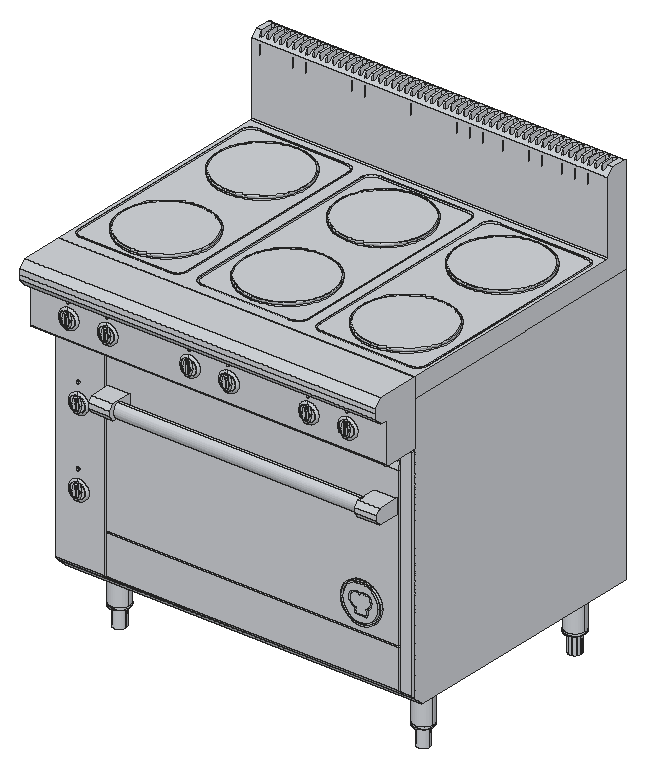
Revit family "6. PE6S28-X", category Generic Models, Revit 2024 (continued)
Forms (mm)
  Sweep 114, solid
    path in 3D
      loop
        arc (872.012, 721.5, 50) -> (847.012, 746.5, 50) -> (822.012, 721.5, 50) r 25
        arc (822.012, 721.5, 50) -> (847.012, 696.5, 50) -> (872.012, 721.5, 50) r 25
    profile origin (847.012, 696.5, 50) x (0, -1, 0) y (0, 0, -1)
      loop
        line (0, 0) -> (0, -4) -> (1, -4) -> (1, 0.425)
        arc (1, 0.425) -> (0.832, 0.832) -> (0.425, 1) r 0.575
        line (0.425, 1) -> (-9, 1) -> (-9, 50) -> (-10, 50) -> (-10, 0) -> (0, 0)
Cuts and joins
  Extrusion 17, Extrusion 23 cuts Extrusion 1
  Extrusion 16, Extrusion 17, Extrusion 23 cuts Extrusion 4
  Extrusion 18 cuts Extrusion 13
  Extrusion 18 cuts Extrusion 15
  Extrusion 26 cuts Extrusion 25
  Sweep 59, Sweep 71 cuts Extrusion 58
  Extrusion 60, Extrusion 72 cuts Extrusion 54
  Sweep 63, Sweep 75, Sweep 93 cuts Extrusion 62
  Extrusion 64, Extrusion 76, Extrusion 94 cuts Extrusion 56
  Sweep 71, Sweep 83 cuts Extrusion 70
  Extrusion 72, Extrusion 84, Extrusion 88, Extrusion 94 cuts Extrusion 2
  Extrusion 72, Extrusion 84 cuts Extrusion 66
  Sweep 75, Sweep 87 cuts Extrusion 74
  Extrusion 76, Extrusion 88 cuts Extrusion 68
  Sweep 83 cuts Extrusion 82
  Extrusion 84 cuts Extrusion 78
  Sweep 87 cuts Extrusion 86
  Extrusion 88 cuts Extrusion 80
  Sweep 93, Sweep 99 cuts Extrusion 92
  Extrusion 94, Extrusion 100 cuts Extrusion 90
  Sweep 99 cuts Extrusion 98
  Extrusion 100 cuts Extrusion 96
Lines and regions (mm)
  sketch lines
    curve 1: line (190, 115, 693.779) -> (135, 115, 693.779)
    curve 2: line (874, 125, 693.779) -> (819, 125, 693.779)
    curve 3: arc (42, 235, 156.379) -> (67, 260, 156.379) -> (92, 235, 156.379) r 25
    curve 4: arc (92, 235, 156.379) -> (67, 210, 156.379) -> (42, 235, 156.379) r 25
    curve 5: arc (42, 721.5, 156.379) -> (67, 746.5, 156.379) -> (92, 721.5, 156.379) r 25
    curve 6: arc (92, 721.5, 156.379) -> (67, 696.5, 156.379) -> (42, 721.5, 156.379) r 25
    curve 7: arc (821.762, 721.5, 156.379) -> (846.762, 746.5, 156.379) -> (871.762, 721.5, 156.379) r 25
    curve 8: arc (871.762, 721.5, 156.379) -> (846.762, 696.5, 156.379) -> (821.762, 721.5, 156.379) r 25
    curve 9: arc (822.012, 235, 156.379) -> (847.012, 260, 156.379) -> (872.012, 235, 156.379) r 25
    curve 10: arc (872.012, 235, 156.379) -> (847.012, 210, 156.379) -> (822.012, 235, 156.379) r 25
    curve 11: line (8, 697.623, 913.879) -> (8, 178, 913.879)
    curve 12: arc (8, 697.623, 913.879) -> (15.322, 715.301, 913.879) -> (33, 722.623, 913.879) r 25
    curve 13: line (262, 722.623, 913.879) -> (33, 722.623, 913.879)
    curve 14: arc (262, 722.623, 913.879) -> (279.678, 715.301, 913.879) -> (287, 697.623, 913.879) r 25
    curve 15: line (287, 178, 913.879) -> (287, 697.623, 913.879)
    curve 16: arc (287, 178, 913.879) -> (279.678, 160.322, 913.879) -> (262, 153, 913.879) r 25
    curve 17: line (33, 153, 913.879) -> (262, 153, 913.879)
    curve 18: arc (33, 153, 913.879) -> (15.322, 160.322, 913.879) -> (8, 178, 913.879) r 25
    curve 19: line (319, 697.623, 913.879) -> (319, 178, 913.879)
    curve 20: arc (319, 697.623, 913.879) -> (326.322, 715.301, 913.879) -> (344, 722.623, 913.879) r 25
    curve 21: line (573, 722.623, 913.879) -> (344, 722.623, 913.879)
    curve 22: arc (573, 722.623, 913.879) -> (590.678, 715.301, 913.879) -> (598, 697.623, 913.879) r 25
    curve 23: line (598, 178, 913.879) -> (598, 697.623, 913.879)
    curve 24: arc (598, 178, 913.879) -> (590.678, 160.322, 913.879) -> (573, 153, 913.879) r 25
    curve 25: line (344, 153, 913.879) -> (573, 153, 913.879)
    curve 26: arc (344, 153, 913.879) -> (326.322, 160.322, 913.879) -> (319, 178, 913.879) r 25
    curve 27: line (624, 697.623, 913.879) -> (624, 178, 913.879)
    curve 28: arc (624, 697.623, 913.879) -> (631.322, 715.301, 913.879) -> (649, 722.623, 913.879) r 25
    curve 29: line (878, 722.623, 913.879) -> (649, 722.623, 913.879)
    curve 30: arc (878, 722.623, 913.879) -> (895.678, 715.301, 913.879) -> (903, 697.623, 913.879) r 25
    curve 31: line (903, 178, 913.879) -> (903, 697.623, 913.879)
    curve 32: arc (903, 178, 913.879) -> (895.678, 160.322, 913.879) -> (878, 153, 913.879) r 25
    curve 33: line (649, 153, 913.879) -> (878, 153, 913.879)
    curve 34: arc (649, 153, 913.879) -> (631.322, 160.322, 913.879) -> (624, 178, 913.879) r 25
    curve 35: arc (763.5, 480.623, 916.347) -> (652.5, 591.623, 916.347) -> (763.5, 702.623, 916.347) r 111
    curve 36: arc (763.5, 702.623, 916.347) -> (874.5, 591.623, 916.347) -> (763.5, 480.623, 916.347) r 111
    curve 37: arc (763.5, 480.623, 921.347) -> (652.5, 591.623, 921.347) -> (763.5, 702.623, 921.347) r 111
    curve 38: arc (763.5, 702.623, 921.347) -> (874.5, 591.623, 921.347) -> (763.5, 480.623, 921.347) r 111
    curve 39: arc (763.5, 173, 916.347) -> (652.5, 284, 916.347) -> (763.5, 395, 916.347) r 111
    curve 40: arc (763.5, 395, 916.347) -> (874.5, 284, 916.347) -> (763.5, 173, 916.347) r 111
    curve 41: arc (763.5, 173, 921.347) -> (652.5, 284, 921.347) -> (763.5, 395, 921.347) r 111
    curve 42: arc (763.5, 395, 921.347) -> (874.5, 284, 921.347) -> (763.5, 173, 921.347) r 111
    curve 43: arc (458.5, 480.623, 916.347) -> (347.5, 591.623, 916.347) -> (458.5, 702.623, 916.347) r 111
    curve 44: arc (458.5, 702.623, 916.347) -> (569.5, 591.623, 916.347) -> (458.5, 480.623, 916.347) r 111
    curve 45: arc (458.5, 480.623, 921.347) -> (347.5, 591.623, 921.347) -> (458.5, 702.623, 921.347) r 111
    curve 46: arc (458.5, 702.623, 921.347) -> (569.5, 591.623, 921.347) -> (458.5, 480.623, 921.347) r 111
    curve 47: arc (458.5, 173, 916.347) -> (347.5, 284, 916.347) -> (458.5, 395, 916.347) r 111
    curve 48: arc (458.5, 395, 916.347) -> (569.5, 284, 916.347) -> (458.5, 173, 916.347) r 111
    curve 49: arc (458.5, 173, 921.347) -> (347.5, 284, 921.347) -> (458.5, 395, 921.347) r 111
    curve 50: arc (458.5, 395, 921.347) -> (569.5, 284, 921.347) -> (458.5, 173, 921.347) r 111
    curve 51: arc (147.5, 480.623, 916.347) -> (36.5, 591.623, 916.347) -> (147.5, 702.623, 916.347) r 111
    curve 52: arc (147.5, 702.623, 916.347) -> (258.5, 591.623, 916.347) -> (147.5, 480.623, 916.347) r 111
    curve 53: arc (147.5, 480.623, 921.347) -> (36.5, 591.623, 921.347) -> (147.5, 702.623, 921.347) r 111
    curve 54: arc (147.5, 702.623, 921.347) -> (258.5, 591.623, 921.347) -> (147.5, 480.623, 921.347) r 111
    curve 55: arc (147.5, 173, 916.347) -> (36.5, 284, 916.347) -> (147.5, 395, 916.347) r 111
    curve 56: arc (147.5, 395, 916.347) -> (258.5, 284, 916.347) -> (147.5, 173, 916.347) r 111
    curve 57: arc (147.5, 173, 921.347) -> (36.5, 284, 921.347) -> (147.5, 395, 921.347) r 111
    curve 58: arc (147.5, 395, 921.347) -> (258.5, 284, 921.347) -> (147.5, 173, 921.347) r 111
    curve 59: arc (197.5, 35, 823.879) -> (177.5, 35, 803.879) -> (197.5, 35, 783.879) r 20
    curve 60: arc (197.5, 35, 783.879) -> (217.5, 35, 803.879) -> (197.5, 35, 823.879) r 20
    curve 61: arc (97.5, 35, 823.879) -> (77.5, 35, 803.879) -> (97.5, 35, 783.879) r 20
    curve 62: arc (97.5, 35, 783.879) -> (117.5, 35, 803.879) -> (97.5, 35, 823.879) r 20
    curve 63: line (203.125, 24, 821.379) -> (191.875, 24, 821.379)
    curve 64: line (191.875, 24, 821.379) -> (187.5, 24, 803.879)
    curve 65: line (187.5, 24, 803.879) -> (191.875, 24, 786.379)
    curve 66: line (191.875, 24, 786.379) -> (203.125, 24, 786.379)
    curve 67: line (203.125, 24, 786.379) -> (207.5, 24, 803.879)
    curve 68: line (207.5, 24, 803.879) -> (203.125, 24, 821.379)
    curve 69: line (103.125, 24, 821.379) -> (91.875, 24, 821.379)
    curve 70: line (91.875, 24, 821.379) -> (87.5, 24, 803.879)
    curve 71: line (87.5, 24, 803.879) -> (91.875, 24, 786.379)
    curve 72: line (91.875, 24, 786.379) -> (103.125, 24, 786.379)
    curve 73: line (103.125, 24, 786.379) -> (107.5, 24, 803.879)
    curve 74: line (107.5, 24, 803.879) -> (103.125, 24, 821.379)
    curve 75: arc (508.5, 35, 823.879) -> (488.5, 35, 803.879) -> (508.5, 35, 783.879) r 20
    curve 76: arc (508.5, 35, 783.879) -> (528.5, 35, 803.879) -> (508.5, 35, 823.879) r 20
    curve 77: arc (408.5, 35, 823.879) -> (388.5, 35, 803.879) -> (408.5, 35, 783.879) r 20
    curve 78: arc (408.5, 35, 783.879) -> (428.5, 35, 803.879) -> (408.5, 35, 823.879) r 20
    curve 79: line (514.125, 24, 821.379) -> (502.875, 24, 821.379)
    curve 80: line (502.875, 24, 821.379) -> (498.5, 24, 803.879)
    curve 81: line (498.5, 24, 803.879) -> (502.875, 24, 786.379)
    curve 82: line (502.875, 24, 786.379) -> (514.125, 24, 786.379)
    curve 83: line (514.125, 24, 786.379) -> (518.5, 24, 803.879)
    curve 84: line (518.5, 24, 803.879) -> (514.125, 24, 821.379)
    curve 85: line (414.125, 24, 821.379) -> (402.875, 24, 821.379)
    curve 86: line (402.875, 24, 821.379) -> (398.5, 24, 803.879)
    curve 87: line (398.5, 24, 803.879) -> (402.875, 24, 786.379)
    curve 88: line (402.875, 24, 786.379) -> (414.125, 24, 786.379)
    curve 89: line (414.125, 24, 786.379) -> (418.5, 24, 803.879)
    curve 90: line (418.5, 24, 803.879) -> (414.125, 24, 821.379)
    curve 91: arc (813.5, 35, 823.879) -> (793.5, 35, 803.879) -> (813.5, 35, 783.879) r 20
    curve 92: arc (813.5, 35, 783.879) -> (833.5, 35, 803.879) -> (813.5, 35, 823.879) r 20
    curve 93: arc (713.5, 35, 823.879) -> (693.5, 35, 803.879) -> (713.5, 35, 783.879) r 20
    curve 94: arc (713.5, 35, 783.879) -> (733.5, 35, 803.879) -> (713.5, 35, 823.879) r 20
    curve 95: line (819.125, 24, 821.379) -> (807.875, 24, 821.379)
    curve 96: line (807.875, 24, 821.379) -> (803.5, 24, 803.879)
    curve 97: line (803.5, 24, 803.879) -> (807.875, 24, 786.379)
    curve 98: line (807.875, 24, 786.379) -> (819.125, 24, 786.379)
    curve 99: line (819.125, 24, 786.379) -> (823.5, 24, 803.879)
    curve 100: line (823.5, 24, 803.879) -> (819.125, 24, 821.379)
    curve 101: line (719.125, 24, 821.379) -> (707.875, 24, 821.379)
    curve 102: line (707.875, 24, 821.379) -> (703.5, 24, 803.879)
    curve 103: line (703.5, 24, 803.879) -> (707.875, 24, 786.379)
    curve 104: line (707.875, 24, 786.379) -> (719.125, 24, 786.379)
    curve 105: line (719.125, 24, 786.379) -> (723.5, 24, 803.879)
    curve 106: line (723.5, 24, 803.879) -> (719.125, 24, 821.379)
    curve 107: arc (59.227, 115, 580.783) -> (39.227, 115, 560.783) -> (59.227, 115, 540.783) r 20
    curve 108: arc (59.227, 115, 540.783) -> (79.227, 115, 560.783) -> (59.227, 115, 580.783) r 20
    curve 109: line (64.852, 104, 578.283) -> (53.602, 104, 578.283)
    curve 110: line (53.602, 104, 578.283) -> (49.227, 104, 560.783)
    curve 111: line (49.227, 104, 560.783) -> (53.602, 104, 543.283)
    curve 112: line (53.602, 104, 543.283) -> (64.852, 104, 543.283)
    curve 113: line (64.852, 104, 543.283) -> (69.227, 104, 560.783)
    curve 114: line (69.227, 104, 560.783) -> (64.852, 104, 578.283)
    curve 115: arc (59.227, 115, 381.379) -> (39.227, 115, 361.379) -> (59.227, 115, 341.379) r 20
    curve 116: arc (59.227, 115, 341.379) -> (79.227, 115, 361.379) -> (59.227, 115, 381.379) r 20
    curve 117: line (64.852, 104, 378.879) -> (53.602, 104, 378.879)
    curve 118: line (53.602, 104, 378.879) -> (49.227, 104, 361.379)
    curve 119: line (49.227, 104, 361.379) -> (53.602, 104, 343.879)
    curve 120: line (53.602, 104, 343.879) -> (64.852, 104, 343.879)
    curve 121: line (64.852, 104, 343.879) -> (69.227, 104, 361.379)
    curve 122: line (69.227, 104, 361.379) -> (64.852, 104, 378.879)
    curve 123: arc (822.012, 235, 50) -> (847.012, 210, 50) -> (872.012, 235, 50) r 25
    curve 124: arc (872.012, 235, 50) -> (847.012, 260, 50) -> (822.012, 235, 50) r 25
    curve 125: arc (42, 235, 50) -> (67, 210, 50) -> (92, 235, 50) r 25
    curve 126: arc (92, 235, 50) -> (67, 260, 50) -> (42, 235, 50) r 25
    curve 127: arc (42, 721.5, 50) -> (67, 696.5, 50) -> (92, 721.5, 50) r 25
    curve 128: arc (92, 721.5, 50) -> (67, 746.5, 50) -> (42, 721.5, 50) r 25
    curve 129: arc (822.012, 721.5, 50) -> (847.012, 696.5, 50) -> (872.012, 721.5, 50) r 25
    curve 130: arc (872.012, 721.5, 50) -> (847.012, 746.5, 50) -> (822.012, 721.5, 50) r 25
  symbolic lines
    curve 131: line (147.5, 702.623, 0) -> (147.5, 480.623, 0)
    curve 132: line (36.5, 591.623, 0) -> (258.5, 591.623, 0)
    curve 133: line (458.5, 702.623, 0) -> (458.5, 480.623, 0)
    curve 134: line (347.5, 591.623, 0) -> (569.5, 591.623, 0)
    curve 135: line (763.5, 702.623, 0) -> (763.5, 480.623, 0)
    curve 136: line (652.5, 591.623, 0) -> (874.5, 591.623, 0)
    curve 137: line (763.5, 395, 0) -> (763.5, 173, 0)
    curve 138: line (652.5, 284, 0) -> (874.5, 284, 0)
    curve 139: line (458.5, 395, 0) -> (458.5, 173, 0)
    curve 140: line (347.5, 284, 0) -> (569.5, 284, 0)
    curve 141: line (147.5, 395, 0) -> (147.5, 173, 0)
    curve 142: line (36.5, 284, 0) -> (258.5, 284, 0)
Dimensions and locks
  cut or joined group of Extrusion 1, Extrusion 17, Extrusion 23 to cut or joined group of Extrusion 1, Extrusion 17, Extrusion 23 = 914 mm  (x2)
  cut or joined group of Extrusion 1, Extrusion 17, Extrusion 23 to level = 1120.379 mm  (x2)
  cut or joined group of Extrusion 1, Extrusion 17, Extrusion 23 to Extrusion 2 = 800 mm
  cut or joined group of Extrusion 4, Extrusion 16, Extrusion 17, Extrusion 23 to plane 1 "Center (Front/Back)" = 800 mm
  aligned and locked: level to plane 2
